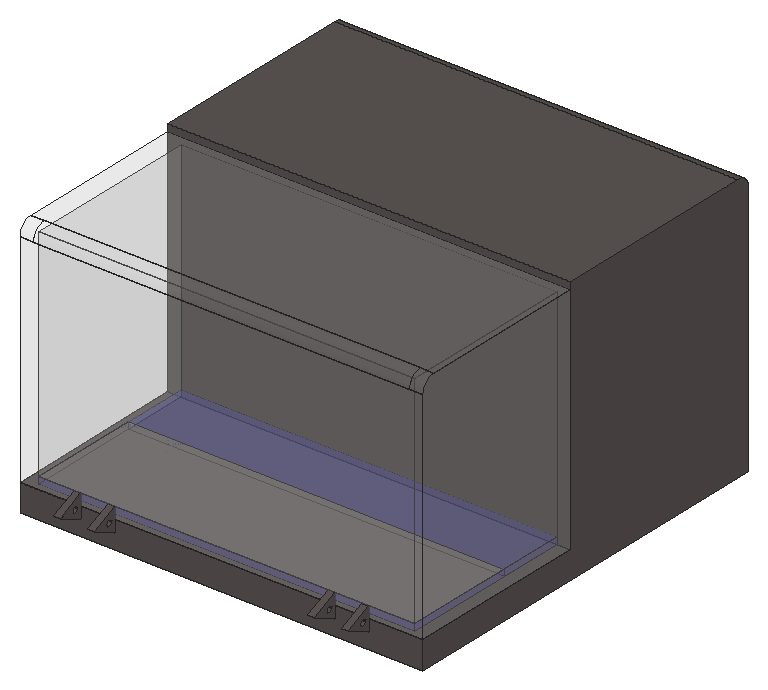
Revit family "PGM3", category Lighting Fixtures, host Face, Revit 2012
Parameters (values of type "PGM3")
  Wattage Comments = "70-250 W"
  Wattage = 9.2903 W
  built-in parameter 1150110 = 1 (stored number, unit not read)
  URL = "http://www.hubbelloutdoor.com/"
  built-in parameter 1114217 = 1 (stored number, unit not read)
  built-in parameter 1150109 = 1 (stored number, unit not read)
  built-in parameter 1150134 = 3
  built-in parameter 1150113 = 1 (stored number, unit not read)
  Reflector Material = Reflector
  Product Page URL = "http://www.hubbelloutdoor.com/products/perimaliter_pgmpgl/"
  Product Documentation Link = "http://www.hubbelloutdoor.com/content/products/specs/specs_files/pgm3specsheet.pdf"
  Model = "PGM3"  # constant formula
  Manufacturer Phone = "(864)-678-1000"  # constant formula
  Manufacturer Fax = "(864)-678-1415"  # constant formula
  Manufacturer = "Hubbelloutdoor"  # constant formula
  built-in parameter 1150105 = 109.82 (stored number, unit not read)
  Lumens = 1380 lm
  built-in parameter 1150115 = 1 (stored number, unit not read)
  Light Source Symbol Size = 5"
  built-in parameter 1150137 = (empty or 0)
  built-in parameter 1150139 = (empty or 0)
  built-in parameter 1150112 = 1 (stored number, unit not read)
  built-in parameter 1150114 = 1 (stored number, unit not read)
  Lamp = "One"
  Opal lens = Etched Glass
  built-in parameter 1150132 = (empty or 0)
  built-in parameter 1150102 = (empty or 0)
  built-in parameter 1150107 = 3200 (stored number, unit not read)
  built-in parameter 1150138 = (empty or 0)
  built-in parameter 1150106 = 1.0982 (stored number, unit not read)
  built-in parameter 1150104 = 13.8 (stored number, unit not read)
  Dimming Lamp Color Temperature Shift = <None>
  Description = "Perimaliter PGM3"  # constant formula
  Default Elevation = 48"
  Finish = Bronze
  D = 6 13/16"
  Color Filter = 16777215
  C = 8"
  built-in parameter 1114218 = 1 (stored number, unit not read)
  B = 15"
  built-in parameter 1150133 = 10 (stored number, unit not read)
  A = 14 7/8"
Reference planes (in)
  plane 1 "Center (Front/Back)": y = 0
  plane 2: z = 0
  plane 3 "Center (Left/Right)": x = 0
  plane 4: z = 9.875
  plane 5: x = -7.4375
  plane 6: y = 7.5
  plane 7: y = -7.5
  plane 8: x = 7.4375
  plane 9: x = -6.9375
  plane 10: x = 6.9375
  plane 11: x = -5.4375
  plane 12: x = -5.1875
  plane 13: x = -4.6875
  plane 14: z = 9.60985
Forms (in)
  Extrusion 1, solid, material "Bronze" <- "Finish"
    sketch origin (0, 0, 0) x (0, 1, 0) y (0, 0, 1)
      loop
        line (-7.5, 0) -> (7.5, 0) -> (7.5, 9.375)
        arc (7.5, 9.375) -> (7.35355, 9.72855) -> (7, 9.875) r 0.5
        line (7, 9.875) -> (-0.6875, 9.875) -> (-0.6875, 1) -> (-7.5, 1) -> (-7.5, 0)
    from -7.4375 to 7.4375
  Extrusion 2, solid, material "Etched Glass" <- "Opal lens"
    sketch origin (0, 0, 0) x (0, 1, 0) y (0, 0, 1)
      loop
        line (-3.125, 1) -> (-3.125, 1.25) -> (-7.25, 1.25) -> (-7.25, 9.35985) -> (-0.6875, 9.35985) -> (-0.6875, 9.60985) -> (-7, 9.60985)
        arc (-7, 9.60985) -> (-7.35355, 9.4634) -> (-7.5, 9.10985) r 0.5
        line (-7.5, 9.10985) -> (-7.5, 1) -> (-3.125, 1)
    from -6.9375 to 6.9375
  Extrusion 3, solid, material "Etched Glass" <- "Opal lens"
    sketch origin (0, 0, 0) x (0, 1, 0) y (0, 0, 1)
      loop
        line (-0.6875, 9.60985) -> (-7, 9.60985)
        arc (-7, 9.60985) -> (-7.35355, 9.4634) -> (-7.5, 9.10985) r 0.5
        line (-7.5, 9.10985) -> (-7.5, 1) -> (-0.6875, 1) -> (-0.6875, 9.60985)
    from 6.9375 to 7.4375
  Extrusion 4, solid, material "Etched Glass" <- "Opal lens"
    sketch origin (0, 0, 0) x (0, 1, 0) y (0, 0, -1)
      loop
        line (-0.6875, -9.60985) -> (-0.6875, -1) -> (-7.5, -1) -> (-7.5, -9.10985)
        arc (-7.5, -9.10985) -> (-7.35355, -9.4634) -> (-7, -9.60985) r 0.5
        line (-7, -9.60985) -> (-0.6875, -9.60985)
    from 6.9375 to 7.4375
  Extrusion 5, solid, material "Bronze" <- "Finish"
    sketch origin (0, 0, -0.06651) x (0, 1, 0) y (0, 0, 1)
      loop
        line (-7.5, 1.49444) -> (-8.4543, 1.08357) -> (-7.5, 0.63857) -> (-7.5, 1.49444)
    from -5.4375 to -5.1875
  Extrusion 6, solid, material "Bronze" <- "Finish"
    sketch origin (-9.375, 0, -0.06651) x (0, 1, 0) y (0, 0, -1)
      loop
        line (-7.5, -1.49444) -> (-7.5, -0.63857) -> (-8.4543, -1.08357) -> (-7.5, -1.49444)
    from -5.4375 to -5.1875
  Extrusion 7, solid, material "Bronze" <- "Finish"
    sketch origin (9.375, 0, -0.06651) x (0, 1, 0) y (0, 0, 1)
      loop
        line (-7.5, 1.49444) -> (-8.4543, 1.08357) -> (-7.5, 0.63857) -> (-7.5, 1.49444)
    from -5.4375 to -5.1875
  Extrusion 8, solid, material "Bronze" <- "Finish"
    sketch origin (0, 0, -0.06651) x (0, 1, 0) y (0, 0, -1)
      loop
        line (-7.5, -1.49444) -> (-7.5, -0.63857) -> (-8.4543, -1.08357) -> (-7.5, -1.49444)
    from -5.4375 to -5.1875
  Extrusion 9, solid, material "Bronze" <- "Finish"
    sketch origin (0, 0, 0) x (1, 0, 0) y (0, 1, 0)
      loop
        line (-4.6875, 7.5) -> (-4.4375, 7.5) -> (-4.55494, 7.84841)
        arc (-4.55494, 7.84841) -> (-4.70077, 7.91096) -> (-4.82421, 7.81125) r 0.15373
        line (-4.82421, 7.81125) -> (-4.9375, 7.5) -> (-4.6875, 7.5)
      loop
        circle (-4.67662, 7.65971) r 0.09485
      loop
        line (4.6875, 7.5) -> (4.9375, 7.5) -> (4.82421, 7.81125)
        arc (4.82421, 7.81125) -> (4.70077, 7.91096) -> (4.55494, 7.84841) r 0.15373
        line (4.55494, 7.84841) -> (4.4375, 7.5) -> (4.6875, 7.5)
      loop
        circle (4.67662, 7.65971) r 0.09485
    from 0.76377 to 1.11622
  Extrusion 10, void
    sketch origin (0, 0, 0) x (0, -1, 0) y (0, 0, 1)
      loop
        circle (7.78553, 0.99358) r 0.12328
    from -5.4375 to 5.4375
  Extrusion 11, solid, material "Reflector" <- "Reflector Material"
    sketch origin (0, 0, 0) x (0, 1, 0) y (0, 0, 1)
      loop
        line (-0.6875, 1.25) -> (-7.25, 1.25) -> (-7.25, 1) -> (-0.6875, 1) -> (-0.6875, 1.25)
    from -6.9375 to 6.9375
Cuts and joins
  joined: Extrusion 2, Extrusion 3, Extrusion 4
  Extrusion 10 cuts Extrusion 5
  Extrusion 10 cuts Extrusion 6
  Extrusion 10 cuts Extrusion 7
  Extrusion 10 cuts Extrusion 8
Dimensions and locks (in)
  plane 4 to host face = 9 7/8"
  plane 3 "Center (Left/Right)" to plane 5 = 7 7/16"
  Extrusion 1 sketch curve to Extrusion 1 sketch curve to Extrusion 1 sketch curve = 8 7/8", 1" locked
  level to Extrusion 1 = 9 7/8"
  "B": plane 6 to plane 7
  "D": Extrusion 1 to plane 7
  Extrusion 2 sketch curve to Extrusion 2 sketch curve to Extrusion 2 sketch curve = 1/4" locked, 8.10985"
  locked: Extrusion 2 sketch curve to Extrusion 2 sketch curve at 0.25
  "A": plane 5 to plane 8
  locked: cut or joined group of Extrusion 2, Extrusion 3, Extrusion 4 to plane 11 at 2
  plane 1 "Center (Front/Back)" to Extrusion 4 = 7 1/2"
  Extrusion 4 sketch curve to Extrusion 4 sketch curve = 8.60985"
  aligned and locked: plane 2 to host face
  aligned and locked: level to host face
  aligned and locked: Extrusion 1 sketch curve to plane 4
  aligned and locked: Extrusion 1 sketch curve to plane 6
  aligned and locked: Extrusion 1 to plane 5
  aligned and locked: Extrusion 1 to plane 8
  aligned and locked: Extrusion 1 to Extrusion 3
  aligned and locked: Extrusion 4 to plane 5
  aligned and locked: Extrusion 2 to Extrusion 3  (x2)
  aligned and locked: plane 7 to Extrusion 1 sketch curve
  aligned and locked: Extrusion 1 sketch curve to plane 7
  aligned and locked: Extrusion 4 sketch curve to plane 7
  aligned and locked: Extrusion 4 to Extrusion 2  (x2)
  aligned and locked: Extrusion 4 to plane 9
  aligned and locked: Extrusion 3 to plane 10
  aligned and locked: plane 11 to Extrusion 5
  aligned and locked: Extrusion 5 to plane 12
  aligned and locked: plane 6 to Extrusion 1
  aligned and locked: plane 3 "Center (Left/Right)" to imposter light
  aligned and locked: Extrusion 8 to Extrusion 10
  aligned and locked: Extrusion 5 to Extrusion 10
  aligned and locked: Extrusion 2 to Extrusion 1
  aligned and locked: Extrusion 1 to host face
  aligned and locked: Extrusion 4 to Extrusion 1
  aligned and locked: cut or joined group of Extrusion 2, Extrusion 3, Extrusion 4 to Extrusion 1
  aligned and locked: Extrusion 4 sketch curve to Extrusion 1
  aligned and locked: Extrusion 3 sketch curve to cut or joined group of Extrusion 2, Extrusion 3, Extrusion 4
  aligned and locked: Extrusion 11 to Extrusion 1
Automatic sketch dimensions
  host sketch curve to host sketch curve = 96"  (x2)
  plane 1 "Center (Front/Back)" to Extrusion 1 sketch curve = 11/16"
  Extrusion 1 sketch curve to plane 6 = 1/2"
  Extrusion 2 sketch curve to plane 7 = 0"
  Extrusion 2 sketch curve to plane 7 = 1/4"
  Extrusion 2 sketch curve to Extrusion 2 sketch curve = 1/4"
  Extrusion 4 sketch curve to plane 7 = 1/2"
  plane 7 to Extrusion 5 sketch curve = 0.9543"
  level to Extrusion 5 sketch curve = 0.57207"
  level to Extrusion 5 sketch curve = 1.01706"
  Extrusion 5 sketch curve to Extrusion 5 sketch curve = 0.85587"
  Extrusion 6 sketch curve to plane 7 = 0"
  plane 7 to Extrusion 6 sketch curve = 0.9543"
  level to Extrusion 6 sketch curve = 1.42793"
  level to Extrusion 6 sketch curve = 1.01706"
  level to Extrusion 6 sketch curve = 0.57207"
  Extrusion 7 sketch curve to plane 7 = 0"
  plane 7 to Extrusion 7 sketch curve = 0.9543"
  level to Extrusion 7 sketch curve = 0.57207"
  level to Extrusion 7 sketch curve = 1.01706"
  Extrusion 7 sketch curve to Extrusion 7 sketch curve = 0.85587"
  Extrusion 8 sketch curve to plane 7 = 0"
  plane 7 to Extrusion 8 sketch curve = 0.9543"
  level to Extrusion 8 sketch curve = 1.42793"
  level to Extrusion 8 sketch curve = 1.01706"
  level to Extrusion 8 sketch curve = 0.57207"
  Extrusion 9 sketch curve to plane 6 = 0"  (x2)
  Extrusion 9 sketch curve to plane 13 = 0"
  Extrusion 9 sketch curve to plane 13 = 35/256"
  Extrusion 9 sketch curve to Extrusion 9 sketch curve = 1/4"  (x2)
  plane 13 to Extrusion 9 sketch curve = 0.00774"
  plane 13 to Extrusion 9 sketch curve = 0.01088"
  plane 13 to Extrusion 9 sketch curve = 0.13256"
  plane 13 to Extrusion 9 sketch curve = 1/4"
  Extrusion 9 sketch curve to plane 10 = 2 1/2"
  plane 6 to Extrusion 9 sketch curve = 0.34841"
  Extrusion 9 sketch curve to Extrusion 9 sketch curve = 0.11744"
  Extrusion 9 sketch curve to Extrusion 9 sketch curve = 0.12167"
  Extrusion 9 sketch curve to Extrusion 9 sketch curve = 0.00314"
  Extrusion 9 sketch curve to Extrusion 9 sketch curve = 0.01088"
  Extrusion 9 sketch curve to Extrusion 9 sketch curve = 0.14446"
  plane 6 to Extrusion 9 sketch curve = 0.15971"  (x2)
  Extrusion 9 sketch curve to Extrusion 9 sketch curve = 0.09896"  (x2)
  Extrusion 9 sketch curve to Extrusion 9 sketch curve = 0.05258"
  plane 7 to Extrusion 10 sketch curve = 0.28553"
  level to Extrusion 10 sketch curve = 0.99358"
  plane 1 "Center (Front/Back)" to Extrusion 2 sketch curve = 11/16"
  plane 1 "Center (Front/Back)" to Extrusion 2 sketch curve = 3 1/8"
  plane 1 "Center (Front/Back)" to Extrusion 4 sketch curve = 11/16"
  Extrusion 5 sketch curve to plane 7 = 0"
  Extrusion 11 sketch curve to plane 7 = 1/4"
  plane 1 "Center (Front/Back)" to Extrusion 11 sketch curve = 11/16"
  level to Extrusion 11 sketch curve = 1"
  Extrusion 11 sketch curve to Extrusion 11 sketch curve = 1/4"
  level to Extrusion 2 sketch curve = 1"
  Extrusion 3 sketch curve to plane 7 = 0"
  Extrusion 3 sketch curve to plane 4 = 0.26515"
  Extrusion 3 sketch curve to plane 7 = 1/2"
  level to Extrusion 3 sketch curve = 1"
  radius of Extrusion 9 sketch curve = 0.09485"  (x2)
  radius of Extrusion 10 sketch curve = 0.12328"
Connectors (in)
  electrical at (0, 0, 0), driven by "Description"
    settings: on Extrusion 1, index 1, voltage 0 V, apparent load 0 VA, apparent load phase1 0 VA, apparent load phase2 0 VA, apparent load phase3 0 VA, power factor 1, load classification "Other", number of poles 1, system type 30, power factor state 1, is connector primary yes, connector utility no, sub classification motor no, connector description "Perimaliter PGM3"
